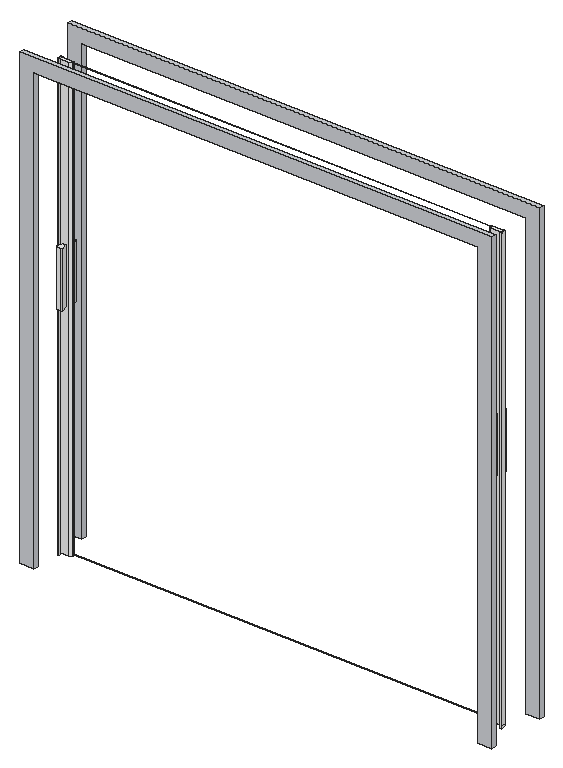
Revit family "Woodfold-Accordion-Door-Family-Series-540-Double", category Doors, host Wall, Revit 2026
Family settings
  Host = Wall
  Always vertical = Yes
  Cut with Voids When Loaded = No
  Shared = No
  Room Calculation Point = No
Parameters (values of type "8'-0" x 8'-0" Recessed Track w/Deadlatch")
  Type Comments = "Width: No limitation.  Height: Up to 10'-1\""
  Track Material = Metal - Aluminum
  Surface Track = no
  Stack Dimension = 0.1041 * Width + 0' 5 1/2"  # 1' - 3.4936"
  Recessed Track = yes
  Panel Material = Woodfold - Acrylic - Clear
  Panel Connectors = "Flexible Vinyl"
  Model = "440"
  Manufacturer = "Woodfold Mfg., Inc."
  Lead Post = Metal - Aluminum
  Hardware Type = "Deadlatch with Thumbturn Two-side"
  Function = Interior
  Frame Visibility = yes
  Frame Projection Ext. = 0' - 1"
  Frame Projection Int. = 0' - 1"
  Frame Width = 0' - 3"
  Height = 8' - 0"
  Wall Closure = By host
  Width = 8' - 0"
  Description = "Visifold, see-through commercial security door"
  Assembly Code = ""
Reference planes (in)
  plane 1 "Center (Front/Back)": y = 0
  plane 2 "Center (Left/Right)": x = 0
  plane 3 "Left": x = -48
  plane 4 "Right": x = 48
  plane 5 "Top": z = 96
  plane 6 "Stack End": x = -32.5064
  plane 7 "Middle": z = 48
Forms (in)
  Extrusion 1, solid, visible <- "Frame Visibility"
    sketch origin (-90, 6, 0) x (-1, 0, 0) y (0, 0, 1)
      loop
        line (-138, 96) -> (-42, 96) -> (-42, 0) -> (-39, 0) -> (-39, 99) -> (-141, 99) -> (-141, 0) -> (-138, 0) -> (-138, 96)
    from 0 to 1
  Extrusion 2, solid, visible <- "Frame Visibility"
    sketch origin (-90, -6, 0) x (1, 0, 0) y (0, 0, 1)
      loop
        line (42, 0) -> (42, 96) -> (138, 96) -> (138, 0) -> (141, 0) -> (141, 99) -> (39, 99) -> (39, 0) -> (42, 0)
    from 0 to 1
  Extrusion 3, solid, material "Woodfold - Acrylic - Clear" <- "Panel Material"
    sketch origin (0, 0, 0) x (1, 0, 0) y (0, 1, 0)
      loop
        line (-48, 0.125) -> (-48, -0.125) -> (45.125, -0.125) -> (45.125, 0.125) -> (-48, 0.125)
    from 0.64608 to 96
  Extrusion 4, solid, material "Metal - Aluminum" <- "Track Material"
    sketch origin (12, 0, -0.14608) x (1, 0, 0) y (0, 1, 0)
      loop
        line (36, 0.25) -> (34.9375, 0.25) -> (35.16324, 1.60445)
        arc (35.16324, 1.60445) -> (35.13532, 1.7058) -> (35.03994, 1.75) r 0.125
        line (35.03994, 1.75) -> (34.08506, 1.75)
        arc (34.08506, 1.75) -> (33.98968, 1.7058) -> (33.96176, 1.60445) r 0.125
        line (33.96176, 1.60445) -> (34.1875, 0.25) -> (33.25, 0.25)
        arc (33.25, 0.25) -> (33.08719, 0.17869) -> (33.03176, 0.00981) r 0.21774
        arc (33.03176, 0.00981) -> (33.19467, 0.06273) -> (33.125, -0.09375) r 0.09375
        arc (33.125, -0.09375) -> (33.10937, -0.10937) -> (33.125, -0.125) r 0.01562
        line (33.125, -0.125) -> (33.21055, -0.125) -> (33.58555, -0.5) -> (34.1875, -0.5) -> (33.96176, -1.85445)
        arc (33.96176, -1.85445) -> (33.98968, -1.9558) -> (34.08506, -2) r 0.125
        line (34.08506, -2) -> (35.03994, -2)
        arc (35.03994, -2) -> (35.13532, -1.9558) -> (35.16324, -1.85445) r 0.125
        line (35.16324, -1.85445) -> (34.9375, -0.5) -> (36, -0.5) -> (36, 0.25)
    from 48.64608 to 60.64608
  Extrusion 5, solid, material "Metal - Aluminum" <- "Track Material"
    sketch origin (12, 0, -18.14608) x (1, 0, 0) y (0, 1, 0)
      loop
        arc (33.25, 0.25) -> (33.08719, 0.17869) -> (33.03176, 0.00981) r 0.21774
        arc (33.03176, 0.00981) -> (33.19467, 0.06273) -> (33.125, -0.09375) r 0.09375
        arc (33.125, -0.09375) -> (33.10937, -0.10937) -> (33.125, -0.125) r 0.01562
        line (33.125, -0.125) -> (33.21055, -0.125) -> (33.58555, -0.5) -> (36, -0.5) -> (36, 0.25) -> (33.25, 0.25)
    from 18.64608 to 66.64608
  Extrusion 6, solid, material "Metal - Aluminum" <- "Track Material"
    sketch origin (12, 0, 41.85392) x (1, 0, 0) y (0, 1, 0)
      loop
        arc (33.25, 0.25) -> (33.08719, 0.17869) -> (33.03176, 0.00981) r 0.21774
        arc (33.03176, 0.00981) -> (33.19467, 0.06273) -> (33.125, -0.09375) r 0.09375
        arc (33.125, -0.09375) -> (33.10937, -0.10937) -> (33.125, -0.125) r 0.01562
        line (33.125, -0.125) -> (33.21055, -0.125) -> (33.58555, -0.5) -> (36, -0.5) -> (36, 0.25) -> (33.25, 0.25)
    from 18.64608 to 54.14608
  Extrusion 7, solid, material "Metal - Aluminum" <- "Track Material"
    sketch origin (12, 0, 0) x (1, 0, 0) y (0, 1, 0)
      loop
        line (35.58547, -0.63818) -> (36, -0.63818) -> (36, 0.38818) -> (35.58547, 0.38818) -> (35.58547, 0.25) -> (35.875, 0.25) -> (35.875, -0.5) -> (35.58547, -0.5) -> (35.58547, -0.63818)
    from 0 to 96
  Extrusion 8, solid, material "Metal - Aluminum" <- "Track Material"
    sketch origin (-12, 0, -0.14608) x (-1, 0, 0) y (0, -1, 0)
      loop
        line (36, -0.25) -> (36, 0.5) -> (34.9375, 0.5) -> (35.16324, 1.85445)
        arc (35.16324, 1.85445) -> (35.13532, 1.9558) -> (35.03994, 2) r 0.125
        line (35.03994, 2) -> (34.08506, 2)
        arc (34.08506, 2) -> (33.98968, 1.9558) -> (33.96176, 1.85445) r 0.125
        line (33.96176, 1.85445) -> (34.1875, 0.5) -> (33.58555, 0.5) -> (33.21055, 0.125) -> (33.125, 0.125)
        arc (33.125, 0.125) -> (33.10937, 0.10937) -> (33.125, 0.09375) r 0.01562
        arc (33.125, 0.09375) -> (33.19467, -0.06273) -> (33.03176, -0.00981) r 0.09375
        arc (33.03176, -0.00981) -> (33.08719, -0.17869) -> (33.25, -0.25) r 0.21774
        line (33.25, -0.25) -> (34.1875, -0.25) -> (33.96176, -1.60445)
        arc (33.96176, -1.60445) -> (33.98968, -1.7058) -> (34.08506, -1.75) r 0.125
        line (34.08506, -1.75) -> (35.03994, -1.75)
        arc (35.03994, -1.75) -> (35.13532, -1.7058) -> (35.16324, -1.60445) r 0.125
        line (35.16324, -1.60445) -> (34.9375, -0.25) -> (36, -0.25)
    from 48.64608 to 60.64608
  Extrusion 9, solid, material "Metal - Aluminum" <- "Track Material"
    sketch origin (-12, 0, -18.14608) x (-1, 0, 0) y (0, -1, 0)
      loop
        line (33.25, -0.25) -> (36, -0.25) -> (36, 0.5) -> (33.58555, 0.5) -> (33.21055, 0.125) -> (33.125, 0.125)
        arc (33.125, 0.125) -> (33.10937, 0.10937) -> (33.125, 0.09375) r 0.01562
        arc (33.125, 0.09375) -> (33.19467, -0.06273) -> (33.03176, -0.00981) r 0.09375
        arc (33.03176, -0.00981) -> (33.08719, -0.17869) -> (33.25, -0.25) r 0.21774
    from 18.64608 to 66.64608
  Extrusion 10, solid, material "Metal - Aluminum" <- "Track Material"
    sketch origin (-12, 0, 41.85392) x (-1, 0, 0) y (0, -1, 0)
      loop
        line (33.25, -0.25) -> (36, -0.25) -> (36, 0.5) -> (33.58555, 0.5) -> (33.21055, 0.125) -> (33.125, 0.125)
        arc (33.125, 0.125) -> (33.10937, 0.10937) -> (33.125, 0.09375) r 0.01562
        arc (33.125, 0.09375) -> (33.19467, -0.06273) -> (33.03176, -0.00981) r 0.09375
        arc (33.03176, -0.00981) -> (33.08719, -0.17869) -> (33.25, -0.25) r 0.21774
    from 18.64608 to 54.14608
  Extrusion 11, solid, material "Metal - Aluminum" <- "Track Material"
    sketch origin (-12, 0, 0) x (-1, 0, 0) y (0, -1, 0)
      loop
        line (35.58547, 0.63818) -> (35.58547, 0.5) -> (35.875, 0.5) -> (35.875, -0.25) -> (35.58547, -0.25) -> (35.58547, -0.38818) -> (36, -0.38818) -> (36, 0.63818) -> (35.58547, 0.63818)
    from 0 to 96
  Sweep 12, solid, material "Metal - Aluminum" <- "Track Material", visible <- "Surface Track"
    path origin (0, 0, 0) x (1, 0, 0) y (0, 0, 1)
      loop
        line (48, 96) -> (-48, 96)
    profile origin (0, 0, 96) x (0, 0, -1) y (0, -1, 0)
      loop
        line (0.78289, -0.15789) -> (0.78289, 0.15789) -> (0.9375, 0.3125) -> (0.9375, 0.4375) -> (0.8125, 0.5625) -> (0, 0.5625) -> (0, -0.5625) -> (0.8125, -0.5625) -> (0.9375, -0.4375) -> (0.9375, -0.3125) -> (0.78289, -0.15789)
Cuts and joins
  joined: Extrusion 4, Extrusion 5, Extrusion 6
  joined: Extrusion 8, Extrusion 9, Extrusion 10
Lines and regions (in)
  Opening 1
    outline origin (-90, -6, 0) x (1, 0, 0) y (0, 0, 1)
      loop
        line (42, 0) -> (138, 0) -> (138, 96) -> (42, 96) -> (42, 0)
Text (in)
  text "Exterior" at (-74.96733, 27.31104, 0), in view "Ref. Level"
  text "Interior" at (-74.96733, -25.14366, 0), in view "Ref. Level"
  text "Exterior" at (0, 40.15149, 123.01588), in view "Right"
  text "Interior" at (0, -64.39139, 123.01588), in view "Right"
  text "Interior" at (0, -31.01599, 123.00693), in view "Left"
  text "Exterior" at (0, 54.57065, 123.00693), in view "Left"
Dimensions and locks (in)
  equal spacing: plane 3 "Left", plane 2 "Center (Left/Right)", plane 4 "Right"
  "Height": level to plane 5 "Top"
  "Width": plane 3 "Left" to plane 4 "Right"
  "Frame Width": Extrusion 2 sketch curve to plane 3 "Left"
  "Frame Width": Extrusion 2 sketch curve to plane 4 "Right"
  "Frame Width": Extrusion 2 sketch curve to plane 5 "Top"
  "Frame Width": Extrusion 1 sketch curve to Extrusion 1 sketch curve  (x2)
  "Frame Width": Extrusion 1 sketch curve to plane 5 "Top"
  host wall to plane 5 "Top" = 8' - 0"
  "Frame Projection Int.": Extrusion 2 to host wall
  "Frame Projection Ext.": Extrusion 1 to host wall
  level to Extrusion 3 = 0' - 0.64608"
  "Stack Dimension": plane 3 "Left" to plane 6 "Stack End"
  equal spacing: level, plane 7 "Middle", plane 5 "Top"
  aligned and locked: plane 3 "Left" to Opening 1 sketch curve
  aligned and locked: plane 5 "Top" to Opening 1 sketch curve  (x2)
  aligned and locked: Opening 1 sketch curve to plane 4 "Right"
  aligned and locked: Opening 1 sketch curve to level
  aligned and locked: plane 5 "Top" to Extrusion 1 sketch curve  (x2)
  aligned and locked: plane 3 "Left" to Extrusion 1 sketch curve
  aligned and locked: Extrusion 1 sketch curve to plane 3 "Left"
  aligned and locked: level to Extrusion 1 sketch curve
  aligned and locked: plane 4 "Right" to Extrusion 1 sketch curve
  aligned and locked: Extrusion 1 to host wall
  aligned and locked: plane 3 "Left" to Extrusion 2 sketch curve
  aligned and locked: plane 5 "Top" to Extrusion 2 sketch curve  (x2)
  aligned and locked: plane 4 "Right" to Extrusion 2 sketch curve  (x2)
  aligned and locked: level to Extrusion 2 sketch curve
  aligned and locked: Extrusion 2 sketch curve to level
  aligned and locked: Extrusion 2 to host wall
  aligned and locked: nested 1 to plane 6 "Stack End"
  aligned and locked: nested 2 to nested 1
  aligned and locked: nested 3 to plane 4 "Right"
  aligned and locked: plane 5 "Top" to nested 4
  aligned and locked: level to nested 4
  aligned and locked: Extrusion 3 to nested 4
  aligned and locked: level to nested 5
  aligned and locked: host wall to nested 5
  aligned and locked: nested 6 to plane 3 "Left"
  aligned and locked: plane 3 "Left" to nested 7
  aligned and locked: nested 2 to nested 7
  aligned and locked: Extrusion 4 to Extrusion 5
  aligned and locked: Extrusion 6 to Extrusion 4
  aligned and locked: Extrusion 6 to plane 5 "Top"
  aligned and locked: Extrusion 7 to plane 5 "Top"
  aligned and locked: Extrusion 9 to Extrusion 8
  aligned and locked: Extrusion 8 to Extrusion 10
  aligned and locked: Extrusion 11 to plane 5 "Top"
  aligned and locked: Extrusion 10 to plane 5 "Top"
  aligned and locked: Extrusion 3 to plane 5 "Top"
  aligned and locked: Sweep 12 sketch curve to plane 5 "Top"
  aligned and locked: plane 3 "Left" to Sweep 12 sketch curve
  aligned and locked: plane 4 "Right" to Sweep 12 sketch curve
  aligned and locked: plane 4 "Right" to nested 8
  aligned and locked: nested 8 to plane 3 "Left"
  aligned and locked: nested 8 to plane 7 "Middle"
Automatic sketch dimensions
  Extrusion 1 sketch curve to level = 0' - 0"
  Extrusion 2 sketch curve to level = 0' - 0"
  Extrusion 3 sketch curve to plane 3 "Left" = 0' - 0"
  host wall to Extrusion 3 sketch curve = 0' - 0 1/8"
  plane 4 "Right" to Extrusion 3 sketch curve = 0' - 2 7/8"
  Extrusion 3 sketch curve to host wall = 0' - 0 1/8"
  Extrusion 4 sketch curve to host wall = 0' - 0"
  Extrusion 4 sketch curve to plane 4 "Right" = 0' - 0"
  plane 4 "Right" to Extrusion 4 sketch curve = 0' - 0.83676"  (x2)
  Extrusion 4 sketch curve to Extrusion 4 sketch curve = 0' - 0.1233"  (x4)
  Extrusion 4 sketch curve to host wall = 0' - 0 1/4"  (x2)
  Extrusion 4 sketch curve to Extrusion 4 sketch curve = 0' - 1 1/16"
  host wall to Extrusion 4 sketch curve = 0' - 0 1/2"  (x2)
  Extrusion 4 sketch curve to Extrusion 4 sketch curve = 0' - 0"  (x3)
  Extrusion 4 sketch curve to Extrusion 4 sketch curve = 0' - 0 3/4"  (x2)
  Extrusion 4 sketch curve to Extrusion 4 sketch curve = 0' - 0.95488"  (x2)
  Extrusion 4 sketch curve to Extrusion 4 sketch curve = 0' - 0.60195"
  Extrusion 4 sketch curve to Extrusion 4 sketch curve = 0' - 0.33555"
  Extrusion 4 sketch curve to host wall = 0' - 0.03226"
  Extrusion 4 sketch curve to Extrusion 4 sketch curve = 0' - 0.00165"
  Extrusion 4 sketch curve to Extrusion 4 sketch curve = 0' - 0.0378"
  Extrusion 4 sketch curve to Extrusion 4 sketch curve = 0' - 0.08555"
  Extrusion 4 sketch curve to host wall = 0' - 0.00981"
  Extrusion 4 sketch curve to Extrusion 4 sketch curve = 0' - 1.35445"  (x2)
  Extrusion 4 sketch curve to Extrusion 4 sketch curve = 0' - 0.02055"  (x2)
  Extrusion 4 sketch curve to Extrusion 4 sketch curve = 0' - 0 1/32"
  Extrusion 4 sketch curve to Extrusion 4 sketch curve = 0' - 0 1/64"
  Extrusion 5 sketch curve to host wall = 0' - 0"
  Extrusion 5 sketch curve to plane 4 "Right" = 0' - 0"
  host wall to Extrusion 5 sketch curve = 0' - 0 1/2"
  Extrusion 5 sketch curve to Extrusion 5 sketch curve = 0' - 2.41445"
  Extrusion 5 sketch curve to host wall = 0' - 0 1/4"
  Extrusion 5 sketch curve to Extrusion 5 sketch curve = 0' - 0.33555"
  Extrusion 5 sketch curve to host wall = 0' - 0.03226"
  Extrusion 5 sketch curve to Extrusion 5 sketch curve = 0' - 0.00165"
  host wall to Extrusion 5 sketch curve = 0' - 0 1/8"
  Extrusion 5 sketch curve to Extrusion 5 sketch curve = 0' - 0.0378"
  Extrusion 5 sketch curve to Extrusion 5 sketch curve = 0' - 0.08555"
  Extrusion 5 sketch curve to host wall = 0' - 0.00981"
  Extrusion 5 sketch curve to Extrusion 5 sketch curve = 0' - 0 1/64"
  Extrusion 6 sketch curve to host wall = 0' - 0"
  Extrusion 6 sketch curve to plane 4 "Right" = 0' - 0"
  host wall to Extrusion 6 sketch curve = 0' - 0 1/2"
  Extrusion 6 sketch curve to Extrusion 6 sketch curve = 0' - 2.41445"
  Extrusion 6 sketch curve to host wall = 0' - 0 1/4"
  Extrusion 6 sketch curve to Extrusion 6 sketch curve = 0' - 0.33555"
  Extrusion 6 sketch curve to host wall = 0' - 0.03226"
  Extrusion 6 sketch curve to Extrusion 6 sketch curve = 0' - 0.00165"
  host wall to Extrusion 6 sketch curve = 0' - 0 1/8"
  Extrusion 6 sketch curve to Extrusion 6 sketch curve = 0' - 0.0378"
  Extrusion 6 sketch curve to Extrusion 6 sketch curve = 0' - 0.08555"
  Extrusion 6 sketch curve to host wall = 0' - 0.00981"
  Extrusion 6 sketch curve to Extrusion 6 sketch curve = 0' - 0 1/64"
  Extrusion 7 sketch curve to plane 4 "Right" = 0' - 0"
  plane 4 "Right" to Extrusion 7 sketch curve = 0' - 0 1/8"
  Extrusion 7 sketch curve to Extrusion 7 sketch curve = 0' - 0.28953"  (x2)
  host wall to Extrusion 7 sketch curve = 0' - 0.63818"
  Extrusion 7 sketch curve to Extrusion 7 sketch curve = 0' - 0.13818"  (x2)
  Extrusion 7 sketch curve to host wall = 0' - 0 1/4"
  Extrusion 8 sketch curve to host wall = 0' - 0"
  Extrusion 8 sketch curve to plane 3 "Left" = 0' - 0"
  Extrusion 8 sketch curve to plane 3 "Left" = 0' - 0.83676"  (x2)
  Extrusion 8 sketch curve to Extrusion 8 sketch curve = 0' - 0.1233"  (x4)
  Extrusion 8 sketch curve to host wall = 0' - 0 1/4"  (x2)
  Extrusion 8 sketch curve to plane 3 "Left" = 0' - 1 1/16"
  host wall to Extrusion 8 sketch curve = 0' - 0 1/2"  (x2)
  Extrusion 8 sketch curve to Extrusion 8 sketch curve = 0' - 0"  (x4)
  Extrusion 8 sketch curve to Extrusion 8 sketch curve = 0' - 0 3/4"  (x2)
  Extrusion 8 sketch curve to Extrusion 8 sketch curve = 0' - 0.95488"  (x2)
  Extrusion 8 sketch curve to Extrusion 8 sketch curve = 0' - 0.60195"
  Extrusion 8 sketch curve to Extrusion 8 sketch curve = 0' - 0.33555"
  Extrusion 8 sketch curve to host wall = 0' - 0.03226"
  Extrusion 8 sketch curve to Extrusion 8 sketch curve = 0' - 0.00165"
  Extrusion 8 sketch curve to Extrusion 8 sketch curve = 0' - 0.0378"
  Extrusion 8 sketch curve to Extrusion 8 sketch curve = 0' - 0.08555"
  Extrusion 8 sketch curve to host wall = 0' - 0.00981"
  Extrusion 8 sketch curve to Extrusion 8 sketch curve = 0' - 1.35445"  (x2)
  Extrusion 8 sketch curve to Extrusion 8 sketch curve = 0' - 0.02055"  (x2)
  Extrusion 8 sketch curve to Extrusion 8 sketch curve = 0' - 0 1/64"
  Extrusion 9 sketch curve to host wall = 0' - 0"
  Extrusion 9 sketch curve to plane 3 "Left" = 0' - 0"
  host wall to Extrusion 9 sketch curve = 0' - 0 1/2"
  Extrusion 9 sketch curve to plane 3 "Left" = 0' - 2.41445"
  Extrusion 9 sketch curve to host wall = 0' - 0 1/4"
  Extrusion 9 sketch curve to Extrusion 9 sketch curve = 0' - 0.33555"
  Extrusion 9 sketch curve to host wall = 0' - 0.03226"
  Extrusion 9 sketch curve to Extrusion 9 sketch curve = 0' - 0.00165"
  host wall to Extrusion 9 sketch curve = 0' - 0 1/8"
  Extrusion 9 sketch curve to Extrusion 9 sketch curve = 0' - 0.0378"
  Extrusion 9 sketch curve to Extrusion 9 sketch curve = 0' - 0.08555"
  Extrusion 9 sketch curve to host wall = 0' - 0.00981"
  Extrusion 9 sketch curve to Extrusion 9 sketch curve = 0' - 0"
  Extrusion 10 sketch curve to host wall = 0' - 0"
  Extrusion 10 sketch curve to plane 3 "Left" = 0' - 0"
  host wall to Extrusion 10 sketch curve = 0' - 0 1/2"
  Extrusion 10 sketch curve to Extrusion 10 sketch curve = 0' - 2.41445"
  Extrusion 10 sketch curve to host wall = 0' - 0 1/4"
  Extrusion 10 sketch curve to Extrusion 10 sketch curve = 0' - 0.33555"
  Extrusion 10 sketch curve to host wall = 0' - 0.03226"
  Extrusion 10 sketch curve to Extrusion 10 sketch curve = 0' - 0.00165"
  host wall to Extrusion 10 sketch curve = 0' - 0 1/8"
  Extrusion 10 sketch curve to Extrusion 10 sketch curve = 0' - 0.0378"
  Extrusion 10 sketch curve to Extrusion 10 sketch curve = 0' - 0.08555"
  Extrusion 10 sketch curve to host wall = 0' - 0.00981"
  Extrusion 10 sketch curve to Extrusion 10 sketch curve = 0' - 0"
  Extrusion 11 sketch curve to plane 3 "Left" = 0' - 0"
  Extrusion 11 sketch curve to plane 3 "Left" = 0' - 0 1/8"
  Extrusion 11 sketch curve to Extrusion 11 sketch curve = 0' - 0.28953"  (x2)
  Extrusion 11 sketch curve to host wall = 0' - 0.38818"
  Extrusion 11 sketch curve to Extrusion 11 sketch curve = 0' - 0.13818"  (x2)
  host wall to Extrusion 11 sketch curve = 0' - 0 1/2"
  Sweep 12 sketch curve to profile plane = 0' - 0"
  Sweep 12 sketch curve to profile plane = 0' - 0.15789"
  Sweep 12 sketch curve to profile plane = 0' - 0.78289"
  profile plane to Sweep 12 sketch curve = 0' - 0.15789"
  Sweep 12 sketch curve to Sweep 12 sketch curve = 0' - 0.02961"  (x2)
  Sweep 12 sketch curve to profile plane = 0' - 0 7/16"
  Sweep 12 sketch curve to Sweep 12 sketch curve = 0' - 0 1/8"  (x5)
  Sweep 12 sketch curve to profile plane = 0' - 0 9/16"
  Sweep 12 sketch curve to Sweep 12 sketch curve = 0' - 0.15461"
Nested families (in)
  nested 1: "Detail Lead Post" at (-35.17085, -0.125, 0), type "Detail Lead Post", detail levels medium+fine
  nested 2: "Detail - Stacked Panels" at (-45.125, 0, 0), type "Detail - Stacked Panels"
    with built-in parameter 1001306 0.82238 (stored number, unit not read)
  nested 3: "Detail - Post receptor" at (48, -0.125, 0), type "Detail - Post receptor"
  nested 4: "Detail - Panel Section" at (0, 0, 96) x (0, 0, -1) z (1, 0, 0), visible <- "Surface Track", type "Detail - Panel Section"
    with Panel Finish yes, built-in parameter 1001306 8 (stored number, unit not read)
  nested 5: "Detail - Panel Section - Recessed Track" at (0, 0, 96.75) x (0, 0, -1) z (1, 0, 0), visible <- "Recessed Track", type "Detail - Panel Section"
    with Panel Finish yes, built-in parameter 1001306 8.0625 (stored number, unit not read)
  nested 6: "Detail - Post receptor" at (-48, -0.125, 0) x (-1, 0, 0) z (0, 0, 1), type "Detail - Post receptor"
  nested 7: "Detail Lead Post" at (-45.21055, -0.125, 0) x (-1, 0, 0) z (0, 0, 1), type "Detail Lead Post", detail levels medium+fine
  nested 8: "Detail - Double Opening Arrow" at (48, 0, 48) x (-1, 0, 0) z (0, -1, 0), type "Detail - Double Opening Arrow"
    with built-in parameter 1001306 8 (stored number, unit not read)
Definition of nested family "Detail Lead Post"
  Parameters
    Assembly Code = ""
  Reference planes (in)
    plane 1 "Center (Front/Back)": y = 0
    plane 2: z = 0
    plane 3 "Center (Left/Right)": x = 0
    plane 4 "Hinge Side": x = -0.08555
    plane 5 "Jamb Side": x = 2.78945
    plane 6: x = 2.66445
  Lines and regions (in)
    Filled region 1, type "Concrete Block", in view "Ref. Level"
      outline origin (0, 0, 0) x (1, 0, 0) y (0, 1, 0)
        loop
          line (2.66445, 0.375) -> (0.03945, 0.375)
          arc (0.03945, 0.375) -> (-0.12336, 0.30369) -> (-0.17879, 0.13481) r 0.21774
          arc (-0.17879, 0.13481) -> (-0.01588, 0.18773) -> (-0.08555, 0.03125) r 0.09375
          arc (-0.08555, 0.03125) -> (-0.10118, 0.01562) -> (-0.08555, 0) r 0.01562
          line (-0.08555, 0) -> (0, 0) -> (0.375, -0.375) -> (2.66445, -0.375) -> (2.66445, 0.375)
        loop
          line (0.12172, 0.05506) -> (0.42678, -0.25) -> (2.53945, -0.25) -> (2.53945, 0.25) -> (0.09397, 0.25)
          arc (0.09397, 0.25) -> (0.13102, 0.15583) -> (0.12172, 0.05506) r 0.21875
    detail lines, in view "Ref. Level"
      curve 1: line (0.97695, 0.375, 0) -> (0.75121, 1.72945, 0)
      curve 2: line (1.82939, 1.875, 0) -> (0.87451, 1.875, 0)
      curve 3: line (1.72695, 0.375, 0) -> (1.95269, 1.72945, 0)
      curve 4: line (0.97695, -0.375, 0) -> (0.75121, -1.72945, 0)
      curve 5: line (1.82939, -1.875, 0) -> (0.87451, -1.875, 0)
      curve 6: line (1.72695, -0.375, 0) -> (1.95269, -1.72945, 0)
      curve 7: arc (0.75121, -1.72945, 0) -> (0.77913, -1.8308, 0) -> (0.87451, -1.875, 0) r 0.125
      curve 8: arc (1.82939, -1.875, 0) -> (1.92477, -1.8308, 0) -> (1.95269, -1.72945, 0) r 0.125
      curve 9: arc (0.75121, 1.72945, 0) -> (0.77913, 1.8308, 0) -> (0.87451, 1.875, 0) r 0.125
      curve 10: arc (1.95269, 1.72945, 0) -> (1.92477, 1.8308, 0) -> (1.82939, 1.875, 0) r 0.125
      curve 11: line (2.66445, 0.375, 0) -> (0.03945, 0.375, 0)
      curve 12: arc (0.03945, 0.375, 0) -> (-0.12336, 0.30369, 0) -> (-0.17879, 0.13481, 0) r 0.21774
      curve 13: arc (-0.17879, 0.13481, 0) -> (-0.01588, 0.18773, 0) -> (-0.08555, 0.03125, 0) r 0.09375
      curve 14: arc (-0.08555, 0.03125, 0) -> (-0.10118, 0.01562, 0) -> (-0.08555, 0, 0) r 0.01562
      curve 15: line (-0.08555, 0, 0) -> (0, 0, 0)
      curve 16: line (0, 0, 0) -> (0.375, -0.375, 0)
      curve 17: line (0.375, -0.375, 0) -> (2.66445, -0.375, 0)
      curve 18: line (2.66445, -0.375, 0) -> (2.66445, 0.375, 0)
Definition of nested family "Detail - Stacked Panels"
  Parameters
    built-in parameter 1001306 [instance] = 2' - 0"
    Assembly Code = ""
  Reference planes (in)
    plane 1 "Center (Front/Back)": y = 0
    plane 2: z = 0
    plane 3 "Left": x = 0
    plane 4 "Right": x = 24
    plane 5: x = 0.25
  Lines and regions (in)
    Filled region 1, type "Panel Lines", in view "Ref. Level"
      outline origin (0.25, 0, 0) x (1, 0, 0) y (0, 1, 0)
        loop
          line (0, 2.25) -> (0, -2.25) -> (23.5, -2.25) -> (23.5, 2.25) -> (0, 2.25)
    Filled region 2, type "Panel Lines", in view "Ref. Level"
      outline origin (0, 0, 0) x (1, 0, 0) y (0, 1, 0)
        loop
          line (0.25, 2.25) -> (0.25, 0) -> (0, 0) -> (0, -2.25) -> (24, -2.25) -> (24, 0) -> (23.75, 0) -> (23.75, 2.25) -> (0.25, 2.25)
    reference lines, in view "Ref. Level"
      curve 1: line (0, 0, 0) -> (24, 0, 0)
      curve 2: line (0.25, -4, 0) -> (24, -4, 0)
    detail lines, in view "Ref. Level"
      curve 3: circle (24, 0, 0) r 0.125 normal (0, 0, 1)
  Dimensions and locks (in)
    "built-in parameter 1001306": plane 3 "Left" to plane 4 "Right"
    aligned and locked: plane 1 "Center (Front/Back)" to curve 1
    aligned and locked: plane 3 "Left" to curve 1
    aligned and locked: plane 5 to curve 2
    aligned and locked: plane 4 "Right" to curve 2
    aligned and locked: Filled region 1 to Filled region 2
    aligned and locked: plane 3 "Left" to Filled region 2 sketch curve
    aligned and locked: Filled region 2 sketch curve to plane 5
    aligned and locked: Filled region 1 to plane 5
  Automatic sketch dimensions
    curve 1 to plane 4 "Right" = 0' - 0"
    plane 1 "Center (Front/Back)" to curve 2 = 0' - 4"
    plane 5 to Filled region 1 sketch curve = 0' - 0"
    plane 4 "Right" to Filled region 1 sketch curve = 0' - 0 1/4"
    plane 1 "Center (Front/Back)" to Filled region 1 sketch curve = 0' - 2 1/4"
    Filled region 1 sketch curve to plane 1 "Center (Front/Back)" = 0' - 2 1/4"
    curve 3 to plane 1 "Center (Front/Back)" = 0' - 0"
    curve 3 to plane 4 "Right" = 0' - 0"
    Filled region 2 sketch curve to plane 1 "Center (Front/Back)" = 0' - 0"  (x2)
    Filled region 2 sketch curve to plane 4 "Right" = 0' - 0"
    plane 4 "Right" to Filled region 2 sketch curve = 0' - 0 1/4"
    Filled region 2 sketch curve to Filled region 2 sketch curve = 0' - 2 1/4"  (x2)
    radius of curve 3 = 0' - 0 1/8"
Definition of nested family "Detail - Post receptor"
  Parameters
    Jamb Receptor Plate [instance] = yes
  Reference planes (in)
    plane 1 "Center (Front/Back)": y = 0
    plane 2: z = 0
    plane 3 "Center (Left/Right)": x = 0
  Lines and regions (in)
    Filled region 1, type "Concrete Block", in view "Ref. Level", visible <- "Jamb Receptor Plate"
      outline origin (-2.78945, 0, 0) x (1, 0, 0) y (0, 1, 0)
        loop
          line (2.37492, 0.51318) -> (2.37492, 0.38141) -> (2.66445, 0.38141) -> (2.66445, -0.38141) -> (2.37492, -0.38141) -> (2.37492, -0.51318) -> (2.78945, -0.51318) -> (2.78945, 0.51318) -> (2.37492, 0.51318)
Definition of nested family "Detail - Panel Section"
  Parameters
    Panel Finish [instance] = yes
    built-in parameter 1001306 [instance] = 4' - 0"
  Reference planes (in)
    plane 1 "Center (Front/Back)": y = 0
    plane 2: z = 0
    plane 3 "Left": x = 0
    plane 4 "Right": x = 48
    plane 5: x = 46.955
  Lines and regions (in)
    Filled region 1, type "Wood - Finish", in view "Ref. Level", visible <- "Panel Finish"
      outline origin (-14.66362, 0, 0) x (0, 1, 0) y (-1, 0, 0)
        loop
          line (-2.22816, -16.27095) -> (-2.22816, -61.61862) -> (2.2317, -61.61862) -> (2.2317, -16.27095) -> (-2.22816, -16.27095)
    reference lines, in view "Ref. Level"
      curve 1: line (0, 0, 0) -> (48, 0, 0)
    detail lines, in view "Ref. Level"
      curve 2: arc (1.1875, -2.199, 0) -> (1.15228, -2.28802, 0) -> (1.1875, -2.37703, 0) r 0.13011
      curve 3: line (1.20858, -2.21839, 0) -> (1.20858, -2.35623, 0)
      curve 4: line (1.20858, -2.28816, 0) -> (1.52613, -2.28816, 0)
      curve 5: arc (1.48757, -2.22839, 0) -> (1.54757, -2.29208, 0) -> (1.60733, -2.22816, 0) r 0.06
      curve 6: line (1.2475, -2.25816, 0) -> (1.49343, -2.25816, 0)
      curve 7: line (1.48757, -2.22839, 0) -> (1.20858, -2.22816, 0)
      curve 8: line (46.99371, -2.28816, 0) -> (1.56879, -2.28816, 0)
      curve 9: line (46.96101, -2.25816, 0) -> (1.60149, -2.25816, 0)
      curve 10: line (1.48739, -2.17209, 0) -> (1.48739, -2.22839, 0)
      curve 11: line (1.1875, -2.17209, 0) -> (1.48739, -2.17209, 0)
      curve 12: line (1.1875, -2.40479, 0) -> (1.1875, 2.40479, 0)
      curve 13: arc (1.60733, -1.14507, 0) -> (1.58503, -1.18941, 0) -> (1.60733, -1.23375, 0) r 0.05523
      curve 14: arc (1.60733, -0.39507, 0) -> (1.58503, -0.43941, 0) -> (1.60733, -0.48375, 0) r 0.05523
      curve 15: arc (1.60733, 0.47493, 0) -> (1.58503, 0.43059, 0) -> (1.60733, 0.38625, 0) r 0.05523
      curve 16: arc (1.60733, 1.22493, 0) -> (1.58503, 1.18059, 0) -> (1.60733, 1.13625, 0) r 0.05523
      curve 17: arc (1.60733, 2.11585, 0) -> (1.59138, 2.14854, 0) -> (1.5575, 2.16176, 0) r 0.05
      curve 18: line (1.1875, 2.16176, 0) -> (1.5575, 2.16176, 0)
      curve 19: arc (1.48739, 1.34792, 0) -> (1.54739, 1.40792, 0) -> (1.48739, 1.46792, 0) r 0.06
      curve 20: arc (1.48739, 1.46792, 0) -> (1.42739, 1.40792, 0) -> (1.48739, 1.34792, 0) r 0.06
      curve 21: arc (1.48739, -1.44643, 0) -> (1.54739, -1.38643, 0) -> (1.48739, -1.32643, 0) r 0.06
      curve 22: arc (1.48739, -1.32643, 0) -> (1.42739, -1.38643, 0) -> (1.48739, -1.44643, 0) r 0.06
      curve 23: arc (1.1875, 2.199, 0) -> (1.15228, 2.28802, 0) -> (1.1875, 2.37703, 0) r 0.13011
      curve 24: line (1.20858, 2.21839, 0) -> (1.20858, 2.35623, 0)
      curve 25: line (1.20858, 2.29161, 0) -> (47.35392, 2.29161, 0)
      curve 26: line (1.24866, 2.26161, 0) -> (47.32358, 2.26161, 0)
      curve 27: line (1.60733, 2.22816, 0) -> (1.20858, 2.22816, 0)
      curve 28: arc (47.375, -2.199, 0) -> (47.41022, -2.28802, 0) -> (47.375, -2.37703, 0) r 0.13011
      curve 29: line (47.35392, -2.21839, 0) -> (47.35392, -2.35623, 0)
      curve 30: line (47.35392, -2.28816, 0) -> (47.03637, -2.28816, 0)
      curve 31: arc (47.07493, -2.22839, 0) -> (47.01689, -2.29205, 0) -> (46.95504, -2.23208, 0) r 0.06
      curve 32: line (47.315, -2.25816, 0) -> (47.06907, -2.25816, 0)
      curve 33: line (47.07493, -2.22839, 0) -> (47.35392, -2.22816, 0)
      curve 34: line (47.07511, -2.17209, 0) -> (47.07511, -2.22839, 0)
      curve 35: line (47.375, -2.17209, 0) -> (47.07511, -2.17209, 0)
      curve 36: line (47.375, -2.40479, 0) -> (47.375, 2.40479, 0)
      curve 37: arc (46.955, -1.14495, 0) -> (46.97747, -1.18941, 0) -> (46.955, -1.23387, 0) r 0.05523
      curve 38: arc (46.955, -0.39495, 0) -> (46.97747, -0.43941, 0) -> (46.955, -0.48387, 0) r 0.05523
      curve 39: arc (46.955, 0.47505, 0) -> (46.97747, 0.43059, 0) -> (46.955, 0.38613, 0) r 0.05523
      curve 40: arc (46.955, 1.22505, 0) -> (46.97747, 1.18059, 0) -> (46.955, 1.13613, 0) r 0.05523
      curve 41: arc (46.955, 2.11176, 0) -> (46.96964, 2.14712, 0) -> (47.005, 2.16176, 0) r 0.05
      curve 42: line (47.375, 2.16176, 0) -> (47.005, 2.16176, 0)
      curve 43: arc (47.07511, 1.34792, 0) -> (47.01511, 1.40792, 0) -> (47.07511, 1.46792, 0) r 0.06
      curve 44: arc (47.07511, 1.46792, 0) -> (47.13511, 1.40792, 0) -> (47.07511, 1.34792, 0) r 0.06
      curve 45: arc (47.07511, -1.44643, 0) -> (47.01511, -1.38643, 0) -> (47.07511, -1.32643, 0) r 0.06
      curve 46: arc (47.07511, -1.32643, 0) -> (47.13511, -1.38643, 0) -> (47.07511, -1.44643, 0) r 0.06
      curve 47: arc (47.375, 2.199, 0) -> (47.41022, 2.28802, 0) -> (47.375, 2.37703, 0) r 0.13011
      curve 48: line (47.35392, 2.21839, 0) -> (47.35392, 2.35623, 0)
      curve 49: line (47.35392, 2.22816, 0) -> (46.955, 2.22816, 0)
      curve 94: line (48, -2.40479, 0) -> (48, 2.34521, 0)
      curve 96: line (46.955, -2.23208, 0) -> (46.955, 2.11176, 0)
      curve 98: line (1.60733, -2.22816, 0) -> (1.60733, 2.11585, 0)
    detail lines, in view "Ref. Level", not visible
      curve 50: arc (0, -2.199, 0) -> (-0.03522, -2.28802, 0) -> (0, -2.37703, 0) r 0.13011
      curve 51: line (0.02108, -2.21839, 0) -> (0.02108, -2.35623, 0)
      curve 52: line (0.02108, -2.28816, 0) -> (0.33863, -2.28816, 0)
      curve 53: arc (0.30007, -2.22839, 0) -> (0.36007, -2.29208, 0) -> (0.41983, -2.22816, 0) r 0.06
      curve 54: line (0.06, -2.25816, 0) -> (0.30593, -2.25816, 0)
      curve 55: line (0.30007, -2.22839, 0) -> (0.02108, -2.22816, 0)
      curve 56: line (0.29989, -2.17209, 0) -> (0.29989, -2.22839, 0)
      curve 57: line (0, -2.17209, 0) -> (0.29989, -2.17209, 0)
      curve 58: line (0, -2.40479, 0) -> (0, 2.40479, 0)
      curve 59: arc (0.41983, -1.14507, 0) -> (0.39753, -1.18941, 0) -> (0.41983, -1.23375, 0) r 0.05523
      curve 60: arc (0.41983, -0.39507, 0) -> (0.39753, -0.43941, 0) -> (0.41983, -0.48375, 0) r 0.05523
      curve 61: arc (0.41983, 0.47493, 0) -> (0.39753, 0.43059, 0) -> (0.41983, 0.38625, 0) r 0.05523
      curve 62: arc (0.41983, 1.22493, 0) -> (0.39753, 1.18059, 0) -> (0.41983, 1.13625, 0) r 0.05523
      curve 63: arc (0.41983, 2.11585, 0) -> (0.40388, 2.14854, 0) -> (0.37, 2.16176, 0) r 0.05
      curve 64: line (0, 2.16176, 0) -> (0.37, 2.16176, 0)
      curve 65: arc (0.29989, 1.34792, 0) -> (0.35989, 1.40792, 0) -> (0.29989, 1.46792, 0) r 0.06
      curve 66: arc (0.29989, 1.46792, 0) -> (0.23989, 1.40792, 0) -> (0.29989, 1.34792, 0) r 0.06
      curve 67: arc (0.29989, -1.44643, 0) -> (0.35989, -1.38643, 0) -> (0.29989, -1.32643, 0) r 0.06
      curve 68: arc (0.29989, -1.32643, 0) -> (0.23989, -1.38643, 0) -> (0.29989, -1.44643, 0) r 0.06
      curve 69: arc (0, 2.199, 0) -> (-0.03522, 2.28802, 0) -> (0, 2.37703, 0) r 0.13011
      curve 70: line (0.02108, 2.21839, 0) -> (0.02108, 2.35623, 0)
      curve 71: line (0.41983, 2.22816, 0) -> (0.02108, 2.22816, 0)
      curve 72: arc (8.68994, -2.199, 0) -> (8.72516, -2.28802, 0) -> (8.68994, -2.37703, 0) r 0.13011
      curve 73: line (8.66886, -2.21839, 0) -> (8.66886, -2.35623, 0)
      curve 74: line (8.66886, -2.28816, 0) -> (8.35131, -2.28816, 0)
      curve 75: arc (8.38987, -2.22839, 0) -> (8.33183, -2.29205, 0) -> (8.26998, -2.23208, 0) r 0.06
      curve 76: line (8.62994, -2.25816, 0) -> (8.38402, -2.25816, 0)
      curve 77: line (8.38987, -2.22839, 0) -> (8.66886, -2.22816, 0)
      curve 78: line (8.39005, -2.17209, 0) -> (8.39005, -2.22839, 0)
      curve 79: line (8.68994, -2.17209, 0) -> (8.39005, -2.17209, 0)
      curve 80: line (8.68994, -2.40479, 0) -> (8.68994, 2.40479, 0)
      curve 81: arc (8.26994, -1.14495, 0) -> (8.29241, -1.18941, 0) -> (8.26994, -1.23387, 0) r 0.05523
      curve 82: arc (8.26994, -0.39495, 0) -> (8.29241, -0.43941, 0) -> (8.26994, -0.48387, 0) r 0.05523
      curve 83: arc (8.26994, 0.47505, 0) -> (8.29241, 0.43059, 0) -> (8.26994, 0.38613, 0) r 0.05523
      curve 84: arc (8.26994, 1.22505, 0) -> (8.29241, 1.18059, 0) -> (8.26994, 1.13613, 0) r 0.05523
      curve 85: arc (8.26994, 2.11176, 0) -> (8.28459, 2.14712, 0) -> (8.31994, 2.16176, 0) r 0.05
      curve 86: line (8.68994, 2.16176, 0) -> (8.31994, 2.16176, 0)
      curve 87: arc (8.39005, 1.34792, 0) -> (8.33005, 1.40792, 0) -> (8.39005, 1.46792, 0) r 0.06
      curve 88: arc (8.39005, 1.46792, 0) -> (8.45005, 1.40792, 0) -> (8.39005, 1.34792, 0) r 0.06
      curve 89: arc (8.39005, -1.44643, 0) -> (8.33005, -1.38643, 0) -> (8.39005, -1.32643, 0) r 0.06
      curve 90: arc (8.39005, -1.32643, 0) -> (8.45005, -1.38643, 0) -> (8.39005, -1.44643, 0) r 0.06
      curve 91: arc (8.68994, 2.199, 0) -> (8.72516, 2.28802, 0) -> (8.68994, 2.37703, 0) r 0.13011
      curve 92: line (8.66886, 2.21839, 0) -> (8.66886, 2.35623, 0)
      curve 93: line (8.66886, 2.22816, 0) -> (8.26994, 2.22816, 0)
      curve 95: line (9.31494, -2.40479, 0) -> (9.31494, 2.34521, 0)
      curve 97: line (8.26994, -2.23208, 0) -> (8.26994, 2.11176, 0)
      curve 99: line (0.41983, -2.22816, 0) -> (0.41983, 2.11585, 0)
  Dimensions and locks (in)
    "built-in parameter 1001306": plane 3 "Left" to plane 4 "Right"
    locked: plane 5 to plane 4 "Right" at 1.045
    aligned and locked: plane 1 "Center (Front/Back)" to curve 1
    aligned and locked: plane 4 "Right" to curve 1
    aligned and locked: plane 3 "Left" to curve 1
    aligned and locked: curve 94 to plane 4 "Right"
    aligned and locked: Filled region 1 to plane 5
    aligned and locked: Filled region 1 to curve 98
    aligned and locked: curve 24 to curve 25
    aligned and locked: curve 8 to curve 4
  Automatic sketch dimensions
    plane 1 "Center (Front/Back)" to Filled region 1 sketch curve = 0' - 2.22816"
    Filled region 1 sketch curve to plane 1 "Center (Front/Back)" = 0' - 2.2317"
    plane 3 "Left" to Filled region 1 sketch curve = 3' - 10.955"
    plane 3 "Left" to Filled region 1 sketch curve = 0' - 1.60733"
    curve 38 to curve 39 = 0' - 0"
    curve 40 to curve 39 = 0' - 0"
    curve 38 to curve 37 = 0' - 0"
    curve 49 to curve 40 = 0' - 0"
    curve 37 to curve 37 = 0' - 0.03276"
    curve 49 to curve 41 = 0' - 0"
    curve 37 to curve 31 = 0' - 0.00004"
    curve 41 to curve 41 = 0' - 0.05"
    curve 42 to curve 41 = 0' - 0"
    curve 31 to curve 30 = 0' - 0.02133"
    curve 30 to curve 32 = 0' - 0.0327"
    curve 32 to curve 33 = 0' - 0.00585"
    curve 37 to curve 46 = 0' - 0.12011"
    curve 40 to curve 43 = 0' - 0.12011"
    curve 31 to curve 35 = 0' - 0.00018"
    curve 42 to curve 47 = 0' - 0.27511"
    curve 32 to curve 28 = 0' - 0.21103"
    curve 28 to curve 32 = 0' - 0.03489"
    curve 47 to curve 48 = 0' - 0.07381"
    curve 32 to curve 29 = 0' - 0.03892"
    curve 29 to curve 28 = 0' - 0.02108"
    curve 47 to curve 94 = 0' - 0 5/8"
    curve 36 to curve 94 = 0' - 0"
    curve 36 to curve 28 = 0' - 0.02776"
    curve 28 to curve 29 = 0' - 0.0208"
    curve 29 to curve 30 = 0' - 0.06807"
    curve 30 to curve 28 = 0' - 0.00014"
    curve 30 to curve 32 = 0' - 0.03"
    curve 31 to curve 34 = 0' - 0"
    curve 33 to curve 29 = 0' - 0.00977"
    curve 34 to curve 34 = 0' - 0.0563"
    curve 34 to curve 46 = 0' - 0.72566"
    curve 45 to curve 45 = 0' - 0.06"
    curve 45 to curve 37 = 0' - 0.09256"
    curve 37 to curve 37 = 0' - 0.04446"
    curve 37 to curve 38 = 0' - 0.66108"
    curve 38 to curve 38 = 0' - 0.04446"
    curve 38 to curve 39 = 0' - 0.78108"
    curve 39 to curve 39 = 0' - 0.04446"
    curve 39 to curve 40 = 0' - 0.66108"
    curve 40 to curve 40 = 0' - 0.04446"
    curve 40 to curve 43 = 0' - 0.12287"
    curve 43 to curve 44 = 0' - 0.06"
    curve 43 to curve 41 = 0' - 0.64384"
    curve 41 to curve 42 = 0' - 0"
    curve 42 to curve 47 = 0' - 0.03724"
    curve 47 to curve 48 = 0' - 0.01939"
    curve 42 to curve 49 = 0' - 0 17/256"
    curve 49 to curve 47 = 0' - 0.05986"
    curve 94 to curve 47 = 0' - 0.03183"
    curve 48 to curve 47 = 0' - 0.0208"
    curve 47 to curve 36 = 0' - 0.02776"
    curve 82 to curve 83 = 0' - 0"
    curve 84 to curve 83 = 0' - 0"
    curve 82 to curve 81 = 0' - 0"
    curve 93 to curve 84 = 0' - 0"
    curve 81 to curve 81 = 0' - 0.03276"
    curve 93 to curve 85 = 0' - 0"
    curve 81 to curve 75 = 0' - 0.00004"
    curve 85 to curve 85 = 0' - 0.05"
    curve 86 to curve 85 = 0' - 0"
    curve 75 to curve 74 = 0' - 0.02133"
    curve 74 to curve 76 = 0' - 0.0327"
    curve 76 to curve 77 = 0' - 0.00585"
    curve 81 to curve 90 = 0' - 0.12011"
    curve 84 to curve 87 = 0' - 0.12011"
    curve 75 to curve 79 = 0' - 0.00018"
    curve 86 to curve 91 = 0' - 0.27511"
    curve 76 to curve 72 = 0' - 0.21103"
    curve 72 to curve 76 = 0' - 0.03489"
    curve 91 to curve 92 = 0' - 0.07381"
    curve 76 to curve 73 = 0' - 0.03892"
    curve 73 to curve 72 = 0' - 0.02108"
    curve 91 to curve 95 = 0' - 0 5/8"
    curve 80 to curve 95 = 0' - 0"
    curve 80 to curve 72 = 0' - 0.02776"
    curve 72 to curve 73 = 0' - 0.0208"
    curve 73 to curve 74 = 0' - 0.06807"
    curve 74 to curve 72 = 0' - 0.00014"
    curve 74 to curve 76 = 0' - 0.03"
    curve 75 to curve 78 = 0' - 0"
    curve 77 to curve 73 = 0' - 0.00977"
    curve 78 to curve 78 = 0' - 0.0563"
    curve 78 to curve 90 = 0' - 0.72566"
    curve 89 to curve 89 = 0' - 0.06"
    curve 89 to curve 81 = 0' - 0.09256"
    curve 81 to curve 81 = 0' - 0.04446"
    curve 81 to curve 82 = 0' - 0.66108"
    curve 82 to curve 82 = 0' - 0.04446"
    curve 82 to curve 83 = 0' - 0.78108"
    curve 83 to curve 83 = 0' - 0.04446"
    curve 83 to curve 84 = 0' - 0.66108"
    curve 84 to curve 84 = 0' - 0.04446"
    curve 84 to curve 87 = 0' - 0.12287"
    curve 87 to curve 88 = 0' - 0.06"
    curve 87 to curve 85 = 0' - 0.64384"
    curve 85 to curve 86 = 0' - 0"
    curve 86 to curve 91 = 0' - 0.03724"
    curve 91 to curve 92 = 0' - 0.01939"
    curve 86 to curve 93 = 0' - 0 17/256"
    curve 93 to curve 91 = 0' - 0.05986"
    curve 95 to curve 91 = 0' - 0.03183"
    curve 92 to curve 91 = 0' - 0.0208"
    curve 91 to curve 80 = 0' - 0.02776"
    curve 43 to curve 44 = 0' - 0"  (x2)
    curve 45 to curve 46 = 0' - 0"  (x2)
    curve 96 to curve 31 = 0' - 0"
    curve 96 to curve 41 = 0' - 0"
    curve 87 to curve 88 = 0' - 0"  (x2)
    curve 89 to curve 90 = 0' - 0"  (x2)
    curve 97 to curve 75 = 0' - 0"
    curve 97 to curve 85 = 0' - 0"
    curve 25 to curve 26 = 0' - 0.04008"
    plane 3 "Left" to curve 8 = 0' - 1.56879"
    curve 8 to curve 9 = 0' - 0.0327"
    curve 9 to plane 5 = 0' - 0.00601"
    curve 8 to plane 5 = 0' - 0.03871"
    curve 26 to plane 5 = 0' - 0.36858"
    curve 26 to curve 25 = 0' - 0.03034"
    curve 8 to curve 9 = 0' - 0.03"
    curve 26 to plane 1 "Center (Front/Back)" = 0' - 2.26161"
    curve 26 to curve 25 = 0' - 0.03"
    curve 23 to curve 24 = 0' - 0.02108"
    curve 2 to curve 3 = 0' - 0.02108"
    curve 4 to curve 6 = 0' - 0.03892"
    curve 27 to curve 23 = 0' - 0.07381"
    curve 6 to curve 2 = 0' - 0.03489"
    curve 2 to curve 10 = 0' - 0.205"
    curve 18 to curve 19 = 0' - 0.29989"
    curve 10 to curve 22 = 0' - 0"
    curve 10 to curve 5 = 0' - 0.00018"
    curve 5 to curve 6 = 0' - 0.00585"
    curve 6 to curve 4 = 0' - 0.0327"
    curve 4 to curve 5 = 0' - 0.02133"
    curve 23 to curve 18 = 0' - 0.27511"
    curve 17 to curve 18 = 0' - 0"  (x2)
    curve 17 to curve 17 = 0' - 0.04983"
    curve 18 to curve 27 = 0' - 0.04983"
    curve 16 to curve 16 = 0' - 0.03293"
    curve 13 to curve 13 = 0' - 0.03293"
    curve 15 to curve 15 = 0' - 0.03293"
    curve 14 to curve 14 = 0' - 0.03293"
    curve 12 to curve 2 = 0' - 0.02776"
    curve 2 to curve 3 = 0' - 0.0208"
    curve 3 to curve 4 = 0' - 0.06807"
    curve 4 to curve 2 = 0' - 0.00014"
    curve 4 to curve 6 = 0' - 0.03"
    curve 7 to curve 10 = 0' - 0"
    curve 7 to curve 3 = 0' - 0.00977"
    curve 10 to curve 11 = 0' - 0.0563"
    curve 10 to curve 22 = 0' - 0.72566"
    curve 21 to curve 22 = 0' - 0.06"
    curve 21 to curve 13 = 0' - 0.09268"
    curve 13 to curve 13 = 0' - 0.04434"
    curve 13 to curve 14 = 0' - 0.66132"
    curve 14 to curve 14 = 0' - 0.04434"
    curve 14 to curve 15 = 0' - 0.78133"
    curve 15 to curve 15 = 0' - 0.04434"
    curve 15 to curve 16 = 0' - 0.66132"
    curve 16 to curve 16 = 0' - 0.04434"
    curve 16 to curve 19 = 0' - 0.12299"
    curve 19 to curve 20 = 0' - 0.06"
    curve 19 to curve 17 = 0' - 0.64384"
    curve 17 to curve 17 = 0' - 0.00409"
    curve 18 to curve 23 = 0' - 0.03724"
    curve 23 to curve 24 = 0' - 0.01939"
    curve 24 to curve 27 = 0' - 0.00977"
    curve 27 to curve 23 = 0' - 0.05986"
    curve 24 to curve 23 = 0' - 0.0208"
    curve 23 to curve 12 = 0' - 0.02776"
    curve 19 to curve 20 = 0' - 0"  (x2)
    curve 21 to curve 22 = 0' - 0"  (x2)
    curve 69 to curve 70 = 0' - 0.02108"
    curve 50 to curve 51 = 0' - 0.02108"
    curve 52 to curve 54 = 0' - 0.03892"
    curve 71 to curve 69 = 0' - 0.07381"
    curve 54 to curve 50 = 0' - 0.03489"
    curve 50 to curve 56 = 0' - 0.205"
    curve 64 to curve 65 = 0' - 0.29989"
    curve 56 to curve 68 = 0' - 0"
    curve 56 to curve 53 = 0' - 0.00018"
    curve 53 to curve 54 = 0' - 0.00585"
    curve 54 to curve 52 = 0' - 0.0327"
    curve 52 to curve 53 = 0' - 0.02133"
    curve 69 to curve 64 = 0' - 0.27511"
    curve 63 to curve 64 = 0' - 0"  (x2)
    curve 63 to curve 63 = 0' - 0.04983"
    curve 64 to curve 71 = 0' - 0.04983"
    curve 62 to curve 62 = 0' - 0.03293"
    curve 59 to curve 59 = 0' - 0.03293"
    curve 61 to curve 61 = 0' - 0.03293"
    curve 60 to curve 60 = 0' - 0.03293"
    curve 58 to curve 50 = 0' - 0.02776"
    curve 50 to curve 51 = 0' - 0.0208"
    curve 51 to curve 52 = 0' - 0.06807"
    curve 52 to curve 50 = 0' - 0.00014"
    curve 52 to curve 54 = 0' - 0.03"
    curve 55 to curve 56 = 0' - 0"
    curve 55 to curve 51 = 0' - 0.00977"
    curve 56 to curve 57 = 0' - 0.0563"
    curve 56 to curve 68 = 0' - 0.72566"
    curve 67 to curve 68 = 0' - 0.06"
    curve 67 to curve 59 = 0' - 0.09268"
    curve 59 to curve 59 = 0' - 0.04434"
    curve 59 to curve 60 = 0' - 0.66132"
    curve 60 to curve 60 = 0' - 0.04434"
    curve 60 to curve 61 = 0' - 0.78133"
    curve 61 to curve 61 = 0' - 0.04434"
    curve 61 to curve 62 = 0' - 0.66132"
    curve 62 to curve 62 = 0' - 0.04434"
    curve 62 to curve 65 = 0' - 0.12299"
    curve 65 to curve 66 = 0' - 0.06"
    curve 65 to curve 63 = 0' - 0.64384"
    curve 63 to curve 63 = 0' - 0.00409"
    curve 64 to curve 69 = 0' - 0.03724"
    curve 69 to curve 70 = 0' - 0.01939"
    curve 70 to curve 71 = 0' - 0.00977"
    curve 71 to curve 69 = 0' - 0.05986"
    curve 70 to curve 69 = 0' - 0.0208"
    curve 69 to curve 58 = 0' - 0.02776"
    curve 65 to curve 66 = 0' - 0"  (x2)
    curve 67 to curve 68 = 0' - 0"  (x2)
  Nested families (in)
    nested 1: "Detail Track" at (0, 0, 0) x (-1, 0, 0) z (0, 0, 1), type "Detail Track", in view "Ref. Level"
  Definition of nested family "Detail Track"
    Parameters
      Door Height [instance] = 3' - 1 3/16"
      Assembly Code = ""
    Reference planes (in)
      plane 1 "Center (Front/Back)": y = 0
      plane 2: z = 0
      plane 3 "Center (Left/Right)": x = 0
    Lines and regions (in)
      detail lines, in view "Ref. Level"
        curve 1: line (-0.8125, 0.5625, 0) -> (0, 0.5625, 0)
        curve 2: line (0, -0.5625, 0) -> (-0.8125, -0.5625, 0)
        curve 3: line (0, 0.5625, 0) -> (0, -0.5625, 0)
        curve 4: line (-0.9375, -0.4375, 0) -> (-0.9375, -0.3125, 0)
        curve 5: line (-1.1875, -0.15789, 0) -> (-1.1875, 0.15789, 0)
        curve 6: line (-1.1875, 0.15789, 0) -> (-0.6875, 0.15789, 0)
        curve 7: line (-1.1875, -0.15789, 0) -> (-0.6875, -0.15789, 0)
        curve 8: line (-0.9375, -0.4375, 0) -> (-0.8125, -0.5625, 0)
        curve 9: line (-0.9375, -0.3125, 0) -> (-0.78289, -0.15789, 0)
        curve 10: line (-0.9375, 0.4375, 0) -> (-0.9375, 0.3125, 0)
        curve 11: line (-0.9375, 0.4375, 0) -> (-0.8125, 0.5625, 0)
        curve 12: line (-0.9375, 0.3125, 0) -> (-0.78289, 0.15789, 0)
        curve 13: line (-0.76072, 0.4375, 0) -> (-0.125, 0.4375, 0)
        curve 14: line (-0.125, 0.4375, 0) -> (-0.125, -0.4375, 0)
        curve 15: line (-0.125, -0.4375, 0) -> (-0.76072, -0.4375, 0)
        curve 16: line (-0.8125, -0.38572, 0) -> (-0.76072, -0.4375, 0)
        curve 17: line (-0.8125, -0.38572, 0) -> (-0.8125, -0.36428, 0)
        curve 18: line (-0.8125, -0.36428, 0) -> (-0.69451, -0.24628, 0)
        curve 19: line (-0.8125, 0.36428, 0) -> (-0.69451, 0.24628, 0)
        curve 20: line (-0.8125, 0.38572, 0) -> (-0.8125, 0.36428, 0)
        curve 21: line (-0.8125, 0.38572, 0) -> (-0.76072, 0.4375, 0)
        curve 22: line (-0.69451, -0.24628, 0) -> (-0.78289, -0.15789, 0)
        curve 23: line (-0.78289, 0.15789, 0) -> (-0.69451, 0.24628, 0)
        curve 24: line (-0.6875, -0.3125, 0) -> (-0.6875, 0.3125, 0)
        curve 25: arc (-0.21279, 0.4375, 0) -> (-0.15029, 0.375, 0) -> (-0.21279, 0.3125, 0) r 0.0625
        curve 26: line (-0.21279, 0.3125, 0) -> (-0.73249, 0.3125, 0)
        curve 27: arc (-0.73249, 0.4375, 0) -> (-0.79499, 0.375, 0) -> (-0.73249, 0.3125, 0) r 0.0625
        curve 28: arc (-0.21279, -0.4375, 0) -> (-0.15029, -0.375, 0) -> (-0.21279, -0.3125, 0) r 0.0625
        curve 29: line (-0.21279, -0.3125, 0) -> (-0.73249, -0.3125, 0)
        curve 30: arc (-0.73249, -0.4375, 0) -> (-0.79499, -0.375, 0) -> (-0.73249, -0.3125, 0) r 0.0625
        curve 31: line (-0.3125, -0.3125, 0) -> (-0.3125, 0.3125, 0)
    Nested families (in)
      nested 1: "Metal Screw" at (0.50115, 0, 0) x (0, 1, 0) z (0, 0, 1), type "1"", in view "Ref. Level"
    Definition of nested family "Metal Screw"
      Parameters
        Length = 0' - 1 1/2"
        Assembly Code = ""
      Reference planes (in)
        plane 1 "Center (Front/Back)": y = 0.62615
        plane 2: z = 0
        plane 3 "Center (Left/Right)": x = 0
        plane 4: y = -0.87385
      Lines and regions (in)
        Filled region 1, type "Steel", in view "Ref. Level"
          outline origin (0, 0, 0) x (1, 0, 0) y (0, 1, 0)
            loop
              line (-0.18472, 0.62615) -> (-0.0625, 0.62615) -> (-0.0625, -0.87385) -> (0, -0.93635) -> (0.0625, -0.87385) -> (0.0625, 0.62615) -> (0.18472, 0.62615)
              arc (0.18472, 0.62615) -> (0, 0.75115) -> (-0.18472, 0.62615) r 0.19899
        detail lines, in view "Ref. Level"
          curve 1: line (0.18472, 0.62615, 0) -> (0.05972, 0.62615, 0)
          curve 2: line (0.0625, 0.62615, 0) -> (0.0625, -0.87385, 0)
          curve 3: line (0.0625, -0.87385, 0) -> (0, -0.93635, 0)
          curve 4: line (-0.0625, 0.62615, 0) -> (-0.0625, -0.87385, 0)
          curve 5: line (-0.0625, -0.87385, 0) -> (0, -0.93635, 0)
          curve 7: line (-0.18472, 0.62615, 0) -> (-0.05972, 0.62615, 0)
          curve 8: arc (-0.18472, 0.62615, 0) -> (0, 0.75115, 0) -> (0.18472, 0.62615, 0) r 0.19899
        detail lines, in view "Ref. Level", not visible
          curve 6: line (0.18472, 0.8125, 0) -> (0.05972, 0.8125, 0)
          curve 9: line (-0.18472, 0.8125, 0) -> (-0.05972, 0.8125, 0)
          curve 10: arc (-0.18472, 0.8125, 0) -> (0, 0.9375, 0) -> (0.18472, 0.8125, 0) r 0.19899
          curve 11: line (0.0625, -1.18635, 0) -> (0, -1.24885, 0)
          curve 12: line (-0.0625, -1.18635, 0) -> (0, -1.24885, 0)
      Dimensions and locks (in)
        "Length": plane 1 "Center (Front/Back)" to plane 4
        aligned and locked: plane 1 "Center (Front/Back)" to curve 7
        aligned and locked: plane 4 to curve 2
        aligned and locked: plane 4 to curve 4
        aligned and locked: plane 4 to curve 3
        aligned and locked: Filled region 1 sketch curve to curve 7
        aligned and locked: Filled region 1 sketch curve to curve 4
        aligned and locked: Filled region 1 sketch curve to curve 5
        aligned and locked: Filled region 1 sketch curve to curve 3
        aligned and locked: Filled region 1 sketch curve to curve 2
        aligned and locked: Filled region 1 sketch curve to curve 1
      Automatic sketch dimensions
        curve 4 to plane 1 "Center (Front/Back)" = 0' - 0"
        curve 2 to plane 1 "Center (Front/Back)" = 0' - 0"
        curve 4 to plane 3 "Center (Left/Right)" = 0' - 0 1/16"
        plane 3 "Center (Left/Right)" to curve 2 = 0' - 0 1/16"
        curve 7 to curve 7 = 0' - 0 1/8"
        curve 7 to curve 8 = 0' - 0.05972"
        curve 8 to curve 1 = 0' - 0.05972"
        curve 1 to curve 8 = 0' - 0 1/8"
        curve 8 to curve 7 = 0' - 0.07399"
        curve 9 to curve 9 = 0' - 0 1/8"
        curve 9 to curve 10 = 0' - 0.05972"
        curve 10 to curve 6 = 0' - 0.05972"
        curve 6 to curve 10 = 0' - 0 1/8"
        curve 10 to curve 9 = 0' - 0.07399"
        Filled region 1 sketch curve to plane 3 "Center (Left/Right)" = 0' - 0"
        Filled region 1 sketch curve to Filled region 1 sketch curve = 0' - 0.12222"
        plane 1 "Center (Front/Back)" to Filled region 1 sketch curve = 0' - 0.07399"
Definition of nested family "Detail - Panel Section - Recessed Track"
  Parameters
    Panel Finish [instance] = yes
    built-in parameter 1001306 [instance] = 4' - 0"
    Assembly Code = ""
  Reference planes (in)
    plane 1 "Center (Front/Back)": y = 0
    plane 2: z = 0
    plane 3 "Left": x = 0
    plane 4 "Right": x = 48
    plane 5: x = 46.955
  Lines and regions (in)
    Filled region 1, type "Wood - Finish", in view "Ref. Level", visible <- "Panel Finish"
      outline origin (-14.66362, 0, 0) x (0, 1, 0) y (-1, 0, 0)
        loop
          line (-2.22816, -16.39595) -> (-2.22816, -61.61862) -> (2.2317, -61.61862) -> (2.2317, -16.39595) -> (-2.22816, -16.39595)
    reference lines, in view "Ref. Level"
      curve 1: line (0, 0, 0) -> (48, 0, 0)
    detail lines, in view "Ref. Level"
      curve 2: arc (1.3125, -2.199, 0) -> (1.27728, -2.28802, 0) -> (1.3125, -2.37703, 0) r 0.13011
      curve 3: line (1.33358, -2.21839, 0) -> (1.33358, -2.35623, 0)
      curve 4: line (1.33358, -2.28816, 0) -> (1.65113, -2.28816, 0)
      curve 5: arc (1.61257, -2.22839, 0) -> (1.67257, -2.29208, 0) -> (1.73233, -2.22816, 0) r 0.06
      curve 6: line (1.3725, -2.25816, 0) -> (1.61843, -2.25816, 0)
      curve 7: line (1.61257, -2.22839, 0) -> (1.33358, -2.22816, 0)
      curve 8: line (46.99371, -2.28816, 0) -> (1.56879, -2.28816, 0)
      curve 9: line (46.96101, -2.25816, 0) -> (1.60149, -2.25816, 0)
      curve 10: line (1.61239, -2.17209, 0) -> (1.61239, -2.22839, 0)
      curve 11: line (1.3125, -2.17209, 0) -> (1.61239, -2.17209, 0)
      curve 12: line (1.3125, -2.40479, 0) -> (1.3125, 2.40479, 0)
      curve 13: arc (1.73233, -1.14507, 0) -> (1.71003, -1.18941, 0) -> (1.73233, -1.23375, 0) r 0.05523
      curve 14: arc (1.73233, -0.39507, 0) -> (1.71003, -0.43941, 0) -> (1.73233, -0.48375, 0) r 0.05523
      curve 15: arc (1.73233, 0.47493, 0) -> (1.71003, 0.43059, 0) -> (1.73233, 0.38625, 0) r 0.05523
      curve 16: arc (1.73233, 1.22493, 0) -> (1.71003, 1.18059, 0) -> (1.73233, 1.13625, 0) r 0.05523
      curve 17: arc (1.73233, 2.11585, 0) -> (1.71638, 2.14854, 0) -> (1.6825, 2.16176, 0) r 0.05
      curve 18: line (1.3125, 2.16176, 0) -> (1.6825, 2.16176, 0)
      curve 19: arc (1.61239, 1.34792, 0) -> (1.67239, 1.40792, 0) -> (1.61239, 1.46792, 0) r 0.06
      curve 20: arc (1.61239, 1.46792, 0) -> (1.55239, 1.40792, 0) -> (1.61239, 1.34792, 0) r 0.06
      curve 21: arc (1.61239, -1.44643, 0) -> (1.67239, -1.38643, 0) -> (1.61239, -1.32643, 0) r 0.06
      curve 22: arc (1.61239, -1.32643, 0) -> (1.55239, -1.38643, 0) -> (1.61239, -1.44643, 0) r 0.06
      curve 23: arc (1.3125, 2.199, 0) -> (1.27728, 2.28802, 0) -> (1.3125, 2.37703, 0) r 0.13011
      curve 24: line (1.33358, 2.21839, 0) -> (1.33358, 2.35623, 0)
      curve 25: line (1.33358, 2.29161, 0) -> (47.35392, 2.29161, 0)
      curve 26: line (1.37366, 2.26161, 0) -> (47.32358, 2.26161, 0)
      curve 27: line (1.73233, 2.22816, 0) -> (1.33358, 2.22816, 0)
      curve 28: arc (47.375, -2.199, 0) -> (47.41022, -2.28802, 0) -> (47.375, -2.37703, 0) r 0.13011
      curve 29: line (47.35392, -2.21839, 0) -> (47.35392, -2.35623, 0)
